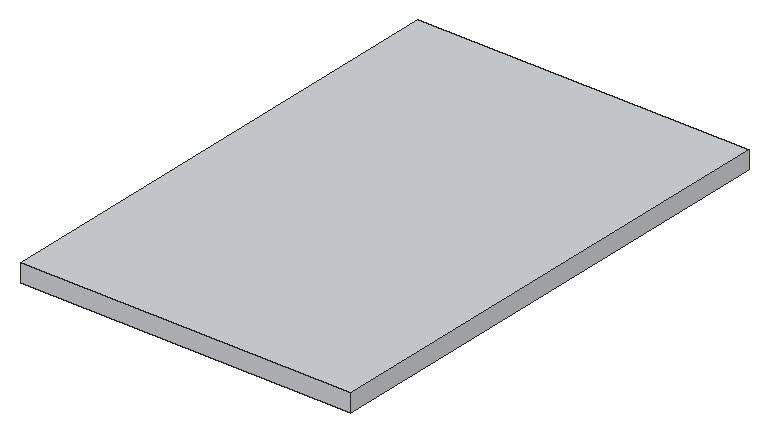
Revit family "EL-AQ0310DAWSx40M5P0200", category Leuchten, Revit 2020
Family settings
  Basisbauteil = Fläche
  Bemaßung runder Anschluss = Durchmesser verwenden
  Teiletyp = Normal
  OmniClass-Nummer = 23.80.70.11
  OmniClass-Titel = Luminaries for Internal Lighting
  Beim Laden mit Abzugskörper schneiden = Nein
  Lichtquelle = Ja
  Gemeinsam genutzt = Nein
  Raumberechnungspunkt = Nein
Parameters (values of type "EL-AQ0310DAWS940M5P0200")
  width = 318 mm  # constant formula
  weight = ""
  voltage type (AC, DC, UC) = "AC"
  rated input power = 16
  product name = "EL-AQ0310DAWS940M5P0200"
  nominal voltage = "230"
  nominal frequency = "50-60Hz"
  length = 318 mm  # constant formula
  ingress protection (IP) code = "IP20"
  height = 60 mm  # constant formula
  electrical safety class = "1"
  control gear = ""
  conformity mark = "CE"  # constant formula
  brand = "RIDI"
  approval mark = ""
  built-in parameter 1150104 = 13.8 (stored number, unit not read)
  Wattage = 13.996 W
  Emit from Rectangle Width = 175 mm  # constant formula
  Emit from Rectangle Length = 175 mm  # constant formula
  Default Elevation = 0 mm
  built-in parameter 1150113 = 1 (stored number, unit not read)
  built-in parameter 1114218 = 1 (stored number, unit not read)
  URL = "www.ridi.de"
  built-in parameter 1150134 = 12
  built-in parameter 1150109 = 1 (stored number, unit not read)
  built-in parameter 1150110 = 1 (stored number, unit not read)
  Apparent Load = 16 VA
  Tilt Angle = 90.00°
  Modell = "0637918"
  built-in parameter 1114217 = 1 (stored number, unit not read)
  built-in parameter 1150139 = (empty or 0)
  built-in parameter 1150105 = 165.44 (stored number, unit not read)
  built-in parameter 1150114 = 1 (stored number, unit not read)
  Lumens = 2079 lm
  built-in parameter 1150115 = 1 (stored number, unit not read)
  built-in parameter 1150112 = 1 (stored number, unit not read)
  Lampe = "LED"
  Hersteller = "RIDI Leuchten GmbH"  # constant formula
  Dimming Lamp Color Temperature Shift = (empty or 0)
  Color Filter = 16777215
  built-in parameter 1150133 = 10 (stored number, unit not read)
  Emit Shape Visible in Rendering = no
  built-in parameter 1150137 = (empty or 0)
  built-in parameter 1150132 = 2
  Datei für fotometrisches Netz = "xxxM5Pxxx.IES"
  Copyright = "© RIDI. All rights reserved."  # constant formula
  built-in parameter 1150106 = 1.6544 (stored number, unit not read)
  Baugruppenkennzeichen = "D5020200"
  built-in parameter 1150107 = 4000 (stored number, unit not read)
  built-in parameter 1150102 = (empty or 0)
  built-in parameter 1150138 = (empty or 0)
Types (3, lengths in mm): name | rated input power | product name | Wattage | Apparent Load | Modell | built-in parameter 1150105 | Lumens | built-in parameter 1150106
  (no name) | 16 | "EL-AQ0310DAWS940M5P0200" | 13.996 W | 16 VA | "0637918" | 165.44 (stored number, unit not read) | 2079 lm | 1.6544 (stored number, unit not read)
  EL-AQ0310DAWS840M5P0200 | 13 | "EL-AQ0310DAWS840M5P0200" | 13.7604 W | 13 VA | "0637915" | 162.66 (stored number, unit not read) | 2044 lm | 1.6266 (stored number, unit not read)
  EL-AQ0310DAWS940M5P0200 | 16 | "EL-AQ0310DAWS940M5P0200" | 13.996 W | 16 VA | "0637918" | 165.44 (stored number, unit not read) | 2079 lm | 1.6544 (stored number, unit not read)
Reference planes
  plane 1 "Mitte (Vorne/hinten)": y = 0
  plane 2: z = 0
  plane 3 "Mitte (Links/rechts)": x = 0
Forms (mm)
  Extrusion 1, solid
    sketch origin (219.2, 280.8, 0) x (1, 0, 0) y (0, 1, 0)
      loop
        line (-1219.2, 1219.2) -> (-1219.2, -1780.8) -> (780.8, -1780.8) -> (780.8, 1219.2) -> (-1219.2, 1219.2)
    from 0 to -107.307
Dimensions and locks
  aligned and locked: plane 2 to Extrusion 1
  aligned and locked: imposter light to plane 3 "Mitte (Links/rechts)"
  aligned and locked: imposter light to import instance
  aligned and locked: import instance to Extrusion 1
Connectors
  electrical at (0, 0, 6.13), driven by "Apparent Load"
    settings: on import instance, index 1, voltage 230 V, apparent load 0 VA, apparent load phase1 16 VA, apparent load phase2 0 VA, apparent load phase3 0 VA, power factor 1, load classification "Lighting", number of poles 1, system type 31, power factor state 1, is connector primary yes, connector utility no, sub classification motor no, connector description ""
